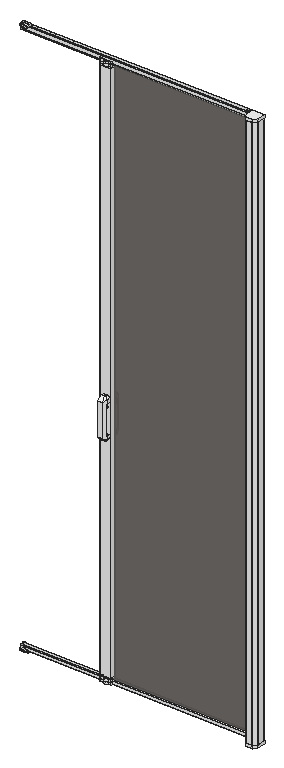
Revit family "Door_Screen-Sliding-Phantom_Screens-Single_Parting-Retractable_Door_Screens-TW2", category Specialty Equipment, Revit 2017
Family settings
  Round Connector Dimension = Use Diameter
  Part Type = Normal
  OmniClass Number = 23.30.60.21
  OmniClass Title = Insect Screens
  Work Plane-Based = No
  Always vertical = Yes
  Cut with Voids When Loaded = No
  Shared = No
  Room Calculation Point = No
Parameters (values of type "Latch Handle")
  Width [instance] = if(Requested Width > Max Width, Max Width, Requested Width)  # 3' - 0"
  URL = "https://www.phantomscreens.com/"
  Type Comments = "Single Parting Door"  # constant formula
  Thickness = 0' - 1 93/128"  # constant formula
  Requested Width [instance] = 3' - 0"
  Requested Height [instance] = 7' - 0"
  Product Page URL = "https://www.phantomscreens.com/retractable-door-screens/"
  Product Name = "Retractable Door Screens"  # constant formula
  Product Documentation Link = "https://www.phantomscreens.com/architects-designers/"
  Model = if(Magnetic Latch, "Magnet Latching System", "Latch and Release System")  # "Latch and Release System"
  Min Height [instance] = 6' - 6"  # constant formula
  Max Width [instance] = if(Height < 8' 4 1/8", 4' 0", 3' 0")  # 4' - 0"
  Max Height [instance] = 10' - 0"  # constant formula
  Manufacturer = "Phantom Mfg. (Int'l) Ltd."  # constant formula
  Magnetic Latch = no
  Latch Handle = not(Magnetic Latch)  # yes
  Height [instance] = if(Requested Height > Max Height, Max Height, if(Requested Height < Min Height, Min Height, Requested Height))  # 7' - 0"
  Finish Screen = Fabric-Privacy_Mesh-Phantom_Screens-Mermet_E-Screen_7505-Charcoal
  Finish = Metal-Aluminum-Phantom_Screens-Classic_White
  Door Opening Width Calc [instance] = if(Screen Opening > Max Width - 0' 4", Max Width - 0' 4", Screen Opening)  # 1' - 0"
  Screen Opening [instance] = 1' - 0"
  Description = if(Magnetic Latch, "Phantom retractable door screen with magnet catch", "Phantom retractable door screen with latching handle")  # "Phantom retractable door screen with latching handle"
  Assembly Code = "B2010300"
Reference planes (in)
  plane 1 "Center (Front/Back)": y = 0
  plane 2: z = 0
  plane 3 "Center (Left/Right)": x = 28.55646
  plane 4: z = 84
  plane 5 "Left": x = 10.55646
  plane 6 "Right": x = 46.55646
  plane 7 "Front": y = -1.19411
  plane 8 "Back": y = 0.53246
  plane 9 "Door Jamb": x = 22.55646
  plane 10: z = 1.02344
  plane 11: z = 82.99219
  plane 12: x = 44.68143
  plane 13: x = 10.55646
  plane 14: z = 84
  plane 15: x = 22.55646
Forms (in)
  Sweep 1, solid, material "Metal-Aluminum-Phantom_Screens-Classic_White" <- "Finish", detail levels medium+fine
    path origin (0, 0.53246, 0) x (-1, 0, 0) y (0, 0, 1)
      loop
        line (-22.55646, 1.27114) -> (-22.55646, 82.72709)
    profile origin (22.55646, 0.53246, 41.99911) x (-1, 0, 0) y (0, -1, 0)
      loop
        line (-1.73217, 0.22402) -> (-1.46479, 0.22402) -> (-1.46479, 0.14401) -> (-1.73217, 0.14401) -> (-1.73217, 0) -> (-0.20217, 0) -> (-0.20217, 0.10001) -> (-0.12186, 0.10001) -> (-0.12186, 0) -> (0, 0) -> (0, 0.27403) -> (-0.20002, 0.27403) -> (-0.20002, 0.35603) -> (0, 0.35603) -> (0, 0.66506) -> (-0.20102, 0.86608) -> (-1.73217, 0.86608) -> (-1.73217, 0.22402)
  Sweep 2, solid, material "Metal-Aluminum-Phantom_Screens-Classic_White" <- "Finish", detail levels medium+fine
    path origin (0, -1.19411, 0) x (-1, 0, 0) y (0, 0, 1)
      loop
        line (-46.55646, 0.375) -> (-46.55646, 83.625)
    profile origin (46.55646, -1.19411, 42) x (1, 0, 0) y (0, 1, 0)
      loop
        line (-1.75022, 1.29478) -> (-1.75022, 0.59201)
        arc (-1.75022, 0.59201) -> (-1.74457, 0.55531) -> (-1.72814, 0.522) r 0.12207
        line (-1.72814, 0.522) -> (-1.39908, 0.05205)
        arc (-1.39908, 0.05205) -> (-1.35545, 0.01379) -> (-1.29909, 0) r 0.12207
        line (-1.29909, 0) -> (-0.45113, 0)
        arc (-0.45113, 0) -> (-0.39476, 0.01379) -> (-0.35113, 0.05205) r 0.12207
        line (-0.35113, 0.05205) -> (-0.02208, 0.522)
        arc (-0.02208, 0.522) -> (-0.00565, 0.55531) -> (0, 0.59201) r 0.12207
        line (0, 0.59201) -> (0, 1.60883)
        arc (0, 1.60883) -> (-0.11477, 1.72772) -> (-0.23762, 1.6172) r 0.11896
        line (-0.23762, 1.6172) -> (-1.68976, 1.38165)
        arc (-1.68976, 1.38165) -> (-1.85842, 1.43456) -> (-1.75022, 1.29478) r 0.09263
  Sweep 3, solid, material "Metal-Aluminum-Phantom_Screens-Classic_White" <- "Finish", detail levels medium+fine
    path origin (0, 0.53246, 0) x (-1, 0, 0) y (0, 0, 1)
      loop
        line (-10.55646, 84) -> (-44.65018, 84)
    profile origin (27.60332, 0.53246, 84) x (0, 0, 1) y (0, -1, 0)
      loop
        line (0, 0) -> (0, 0.065) -> (-0.315, 0.065) -> (-0.315, 0.453) -> (-0.78198, 0.453)
        arc (-0.78198, 0.453) -> (-0.93097, 0.4163) -> (-0.78016, 0.388) r 0.0785
        line (-0.78016, 0.388) -> (-0.38, 0.388) -> (-0.38, 0.065) -> (-0.931, 0.065) -> (-0.931, 0) -> (0, 0)
  Sweep 4, solid, material "Metal-Aluminum-Phantom_Screens-Classic_White" <- "Finish", detail levels medium+fine
    path origin (0, 0.53246, 90.02002) x (-1, 0, 0) y (0, 0, -1)
      loop
        line (-10.55646, 90.02002) -> (-44.65018, 90.02002)
    profile origin (27.60332, 0.53246, 0) x (0, 0, 1) y (0, -1, 0)
      loop
        line (0, 0) -> (0.931, 0) -> (0.931, 0.065) -> (0.38, 0.065) -> (0.38, 0.388) -> (0.78016, 0.388)
        arc (0.78016, 0.388) -> (0.93097, 0.4163) -> (0.78198, 0.453) r 0.0785
        line (0.78198, 0.453) -> (0.315, 0.453) -> (0.315, 0.065) -> (0, 0.065) -> (0, 0)
  Extrusion 5, solid, material "Metal-Aluminum-Phantom_Screens-Classic_White" <- "Finish", detail levels coarse
    sketch origin (0, 0, 0) x (1, 0, 0) y (0, 1, 0)
      loop
        line (44.68143, 0.53246) -> (44.68143, -1.19411) -> (46.55646, -1.19411) -> (46.55646, 0.53246) -> (44.68143, 0.53246)
    from 0.92969 to 83.07031
  Extrusion 6, solid, material "Metal-Aluminum-Phantom_Screens-Classic_White" <- "Finish", detail levels coarse
    sketch origin (28.55646, 0, 0) x (0, 1, 0) y (0, 0, 1)
      loop
        line (0.53246, 0) -> (0.53246, 0.92969) -> (0.0358, 0.92969) -> (0.0358, 0) -> (0.53246, 0)
      loop
        line (0.53246, 84) -> (0.0358, 84) -> (0.0358, 83.07031) -> (0.53246, 83.07031) -> (0.53246, 84)
    from -18 to 15.56978
  Extrusion 7, solid, material "Metal-Aluminum-Phantom_Screens-Classic_White" <- "Finish", detail levels coarse
    sketch origin (0, 0, 0) x (1, 0, 0) y (0, 1, 0)
      loop
        line (22.55646, 0.53246) -> (22.55646, -0.33363) -> (24.28862, -0.33363) -> (24.28862, 0.53246) -> (22.55646, 0.53246)
    from 1.27114 to 82.72709
  Extrusion 8, solid, material "Fabric-Privacy_Mesh-Phantom_Screens-Mermet_E-Screen_7505-Charcoal" <- "Finish Screen"
    sketch origin (0, 0, 0) x (1, 0, 0) y (0, 1, 0)
      loop
        line (24.02124, 0.38844) -> (24.02124, 0.30843) -> (46.33771, 0.30843) -> (46.33771, 0.38844) -> (24.02124, 0.38844)
    from 0.375 to 83.30479
  Extrusion 9, solid, material "Metal-Aluminum-Phantom_Screens-Classic_White" <- "Finish", visible <- "Magnetic Latch", detail levels fine
    sketch origin (32.25319, 0.3929, 0.4711) x (0, 1, 0) y (0, 0, 1)
      loop
        line (0.09496, 35.18633) -> (0.09496, 36.55418)
        arc (0.09496, 36.55418) -> (-0.23758, 36.88671) -> (-0.57011, 36.55418) r 0.33253
        line (-0.57011, 36.55418) -> (-0.57011, 35.18633)
        arc (-0.57011, 35.18633) -> (-0.23758, 34.8538) -> (0.09496, 35.18633) r 0.33253
    from -9.77296 to -9.69674
  Extrusion 10, solid, material "Metal-Aluminum-Phantom_Screens-Classic_White" <- "Finish", visible <- "Magnetic Latch"
    sketch origin (15.69674, 0.92536, 0.4711) x (-1, 0, 0) y (0, 0, -1)
      loop
        line (5.14028, -36.88671) -> (5.83702, -36.88671) -> (5.83702, -34.8538) -> (5.14028, -34.8538) -> (5.14028, -36.88671)
    from 0.3929 to 1.10256
Lines and regions (in)
  Masking region 1
    outline origin (28.55646, 0, 0) x (0, 1, 0) y (0, 0, 1)
      loop
        line (0.38844, 82.72709) -> (0.30843, 82.72709) -> (0.30843, 1.27114) -> (0.38844, 1.27114) -> (0.38844, 82.72709)
Dimensions and locks (in)
  equal spacing: plane 5 "Left", plane 3 "Center (Left/Right)", plane 6 "Right"
  "Thickness": plane 8 "Back" to plane 7 "Front"
  "Door Opening Width Calc": plane 5 "Left" to plane 9 "Door Jamb"
  "Width": plane 5 "Left" to plane 6 "Right"
  Sweep 2 sketch curve to Sweep 2 sketch curve to Sweep 2 sketch curve to Sweep 2 sketch curve to Sweep 2 sketch curve to Sweep 2 sketch curve to Sweep 2 sketch curve to Sweep 2 sketch curve to profile plane = 0' - 0.12481" locked, 0' - 0.35113" locked, 0' - 0.1" locked, 0' - 0.84796" locked, 0' - 0.1" locked, 0' - 0.11322" locked, 0' - 0.23791" locked, 0' - 0" locked
  Sweep 2 sketch curve to Sweep 2 sketch curve to Sweep 2 sketch curve to Sweep 2 sketch curve to Sweep 2 sketch curve to Sweep 2 sketch curve to Sweep 2 sketch curve to Sweep 2 sketch curve to Sweep 2 sketch curve to profile plane = 0' - 0.25351" locked, 0' - 0.88226" locked, 0' - 0" locked, 0' - 0.07002" locked, 0' - 0" locked, 0' - 0.46994" locked, 0' - 0" locked, 0' - 0.05205" locked, 0' - 0" locked
  Sweep 1 sketch curve to Sweep 1 sketch curve to profile plane to Sweep 1 sketch curve to Sweep 1 sketch curve to Sweep 1 sketch curve to Sweep 1 sketch curve to Sweep 1 sketch curve to Sweep 1 sketch curve to Sweep 1 sketch curve = 0' - 0" locked, 0' - 0" locked, 0' - 0.12186" locked, 0' - 0.07816" locked, 0' - 0.001" locked, 0' - 0.00115" locked, 0' - 1.26261" locked, 0' - 0.26738" locked, 0' - 0" locked
  Sweep 1 sketch curve to Sweep 1 sketch curve to profile plane to Sweep 1 sketch curve to Sweep 1 sketch curve to Sweep 1 sketch curve to Sweep 1 sketch curve to Sweep 1 sketch curve to Sweep 1 sketch curve to Sweep 1 sketch curve = 0' - 0" locked, 0' - 0" locked, 0' - 0.10001" locked, 0' - 0.044" locked, 0' - 0.08001" locked, 0' - 0.05" locked, 0' - 0.08201" locked, 0' - 0.30903" locked, 0' - 0.20102" locked
  plane 10 to level = 0' - 1 3/128"
  locked: plane 4 to plane 11 at 1.00781
  locked: Sweep 3 sketch curve to plane 6 "Right" at 1.90627
  locked: Sweep 4 sketch curve to plane 6 "Right" at 1.90627
  locked: Sweep 2 sketch curve to level at 0.375
  locked: plane 4 to Sweep 2 sketch curve at 0.375
  plane 4 to Sweep 2 = 0' - 0 3/8"
  locked: Extrusion 5 sketch curve to plane 6 "Right" at 1.87502
  locked: Extrusion 5 to level at 0.92969
  locked: plane 4 to Extrusion 5 at 0.92969
  locked: Extrusion 6 sketch curve to plane 2 at 0.92969
  locked: plane 8 "Back" to Extrusion 6 sketch curve at 0.49666  (x2)
  locked: plane 4 to Extrusion 6 sketch curve at 0.92969
  locked: Extrusion 6 to plane 6 "Right" at 2.43022
  Sweep 1 to nested 4 = 0' - 0"
  locked: plane 11 to Sweep 1 sketch curve at 0.2651
  locked: Sweep 1 sketch curve to plane 10 at 0.2477
  equal spacing: Extrusion 7 sketch curve, nested 4, plane 8 "Back"
  locked: Extrusion 7 to plane 10 at 0.2477
  locked: plane 11 to Extrusion 7 at 0.2651
  "Height": plane 4 to level
  locked: plane 4 to nested 4 at 0.69521
  locked: Extrusion 8 sketch curve to plane 6 "Right" at 0.21875
  Extrusion 8 sketch curve to Extrusion 8 sketch curve to plane 8 "Back" = 0' - 0.08001" locked, 0' - 0.14401" locked
  locked: level to Extrusion 8 at 0.375
  locked: plane 4 to Extrusion 8 at 0.69521
  locked: plane 9 "Door Jamb" to Extrusion 8 sketch curve at 1.46479
  locked: plane 4 to nested 8 at 0.36275
  locked: nested 7 to level at 0.35561
  locked: plane 8 "Back" to nested 9 at 0.065
  locked: plane 8 "Back" to nested 10 at 0.065
  Sweep 3 sketch curve to Sweep 3 sketch curve to Sweep 3 sketch curve to Sweep 3 sketch curve to profile plane to Sweep 3 sketch curve = 0' - 0" locked, 0' - 0.551" locked, 0' - 0.065" locked, 0' - 0.315" locked, 0' - 0" locked
  profile plane to nested 2 to Sweep 3 sketch curve to Sweep 3 sketch curve to Sweep 3 sketch curve to Sweep 3 sketch curve to Sweep 3 sketch curve = 0' - 0" locked, 0' - 0.065" locked, 0' - 0" locked, 0' - 0.323" locked, 0' - 0.065" locked, 0' - 0.044" locked
  profile plane to nested 1 to Sweep 4 sketch curve to Sweep 4 sketch curve to Sweep 4 sketch curve to Sweep 4 sketch curve to Sweep 4 sketch curve = 0' - 0" locked, 0' - 0.065" locked, 0' - 0" locked, 0' - 0.323" locked, 0' - 0.065" locked, 0' - 0.044" locked
  profile plane to Sweep 4 sketch curve to Sweep 4 sketch curve to Sweep 4 sketch curve to Sweep 4 sketch curve to Sweep 4 sketch curve = 0' - 0" locked, 0' - 0.315" locked, 0' - 0.065" locked, 0' - 0.551" locked, 0' - 0" locked
  "Requested Width": plane 6 "Right" to plane 13
  "Requested Height": plane 14 to plane 2
  "Screen Opening": plane 5 "Left" to plane 15
  locked: Extrusion 7 sketch curve to plane 8 "Back" at 0.86608
  plane 15 to Extrusion 7 sketch curve = 0' - 1.73217"
  locked: plane 9 "Door Jamb" to Extrusion 7 at 1.73217
  plane 9 "Door Jamb" to nested 6 to Extrusion 5 = 0' - 1" locked, 1' - 11"
  locked: plane 9 "Door Jamb" to nested 5 at 1
  Extrusion 10 sketch curve to Extrusion 10 sketch curve to level = 0' - 2.03291" locked, 2' - 11.3249" locked
  Extrusion 9 sketch curve to plane 1 "Center (Front/Back)" to Extrusion 9 sketch curve = 0' - 0.48786" locked, 0' - 0.17721" locked
  Extrusion 9 sketch curve to Extrusion 9 sketch curve to level = 0' - 2.03291" locked, 2' - 11.3249" locked
  locked: Extrusion 10 sketch curve to Extrusion 10 sketch curve at 0.69674
  plane 15 to Extrusion 9 = 0' - 0.07622"
  "Screen Opening": Extrusion 10 sketch curve to plane 15
  Masking region 1 sketch curve to Masking region 1 sketch curve to plane 1 "Center (Front/Back)" = 0' - 0.08001" locked, 0' - 0.30843" locked
  locked: plane 11 to Masking region 1 sketch curve at 0.2651
  locked: Masking region 1 sketch curve to plane 10 at 0.2477
  locked: plane 9 "Door Jamb" to Extrusion 9 at 0.07622
  aligned and locked: level to plane 2
  aligned and locked: Sweep 1 sketch curve to plane 9 "Door Jamb"
  aligned and locked: Sweep 2 sketch curve to plane 6 "Right"
  aligned and locked: plane 5 "Left" to Sweep 3 sketch curve
  aligned and locked: plane 5 "Left" to Sweep 4 sketch curve
  aligned and locked: Sweep 4 sketch curve to level
  aligned and locked: nested 1 to plane 6 "Right"
  aligned and locked: nested 2 to plane 6 "Right"
  aligned and locked: plane 4 to nested 2
  aligned and locked: nested 1 to level
  aligned and locked: nested 2 to plane 8 "Back"
  aligned and locked: nested 1 to plane 8 "Back"
  aligned and locked: Extrusion 5 sketch curve to nested 1
  aligned and locked: plane 7 "Front" to Extrusion 5 sketch curve
  aligned and locked: plane 6 "Right" to Extrusion 5 sketch curve
  aligned and locked: Extrusion 6 sketch curve to plane 2
  aligned and locked: Extrusion 6 sketch curve to plane 8 "Back"
  aligned and locked: plane 8 "Back" to Extrusion 6 sketch curve
  aligned and locked: Extrusion 6 sketch curve to plane 4
  aligned and locked: Extrusion 6 to plane 5 "Left"
  aligned and locked: nested 3 to plane 9 "Door Jamb"
  aligned and locked: Extrusion 7 sketch curve to nested 3
  aligned and locked: nested 4 to plane 9 "Door Jamb"
  aligned and locked: plane 8 "Back" to nested 4
  aligned and locked: plane 8 "Back" to nested 3
  aligned and locked: plane 9 "Door Jamb" to nested 7
  aligned and locked: nested 9 to plane 2
  aligned and locked: plane 4 to nested 10
  aligned and locked: plane 5 "Left" to nested 10
  aligned and locked: plane 5 "Left" to nested 9
  aligned and locked: nested 11 to plane 6 "Right"
  aligned and locked: nested 11 to plane 7 "Front"
  aligned and locked: plane 9 "Door Jamb" to nested 12
  aligned and locked: nested 12 to plane 8 "Back"
  aligned and locked: plane 9 "Door Jamb" to nested 8
  aligned and locked: plane 8 "Back" to Extrusion 7 sketch curve
  aligned and locked: plane 8 "Back" to nested 7
  aligned and locked: plane 8 "Back" to nested 8
  aligned and locked: plane 9 "Door Jamb" to Extrusion 9
Automatic sketch dimensions
  Sweep 3 sketch curve to plane 4 = 0' - 0"
  Sweep 3 sketch curve to plane 8 "Back" = 0' - 0"
  Sweep 3 sketch curve to Sweep 3 sketch curve = 0' - 0.00182"
  Sweep 4 sketch curve to plane 8 "Back" = 0' - 0"
  Sweep 4 sketch curve to Sweep 4 sketch curve = 0' - 0.00182"
  Sweep 2 sketch curve to Sweep 2 sketch curve = 0' - 0.03218"
  Sweep 2 sketch curve to Sweep 2 sketch curve = 0' - 0.02208"
  Sweep 2 sketch curve to Sweep 2 sketch curve = 0' - 0.12207"
  Sweep 2 sketch curve to Sweep 2 sketch curve = 0' - 0.11866"
Nested families (in)
  nested 1: "Nested-Phantom_Screens-Extrusion-Cap" at (45.61894, 0.53246, 0), type "Bottom Cap"
  nested 2: "Nested-Phantom_Screens-Extrusion-Cap" at (45.61894, 0.53246, 83.625), type "Top Cap"
  nested 3: "Nested-Phantom_Screens-Extrusion-Cap-Pull" at (23.42254, 0.53246, 1.06264), visible <- "Magnetic Latch", type "Bottom Cap"
  nested 4: "Nested-Phantom_Screens-Extrusion-Cap-Pull" at (23.42254, 0.53246, 82.72709), visible <- "Magnetic Latch", type "Top Cap"
  nested 5: "Nested-Phantom_Screens-Door_Pull" at (23.55646, -0.33363, 0), Latch Right <- "Latch Handle", type "Door Pull"
    with Latch Right yes, Latch Left no
  nested 6: "Nested-Phantom_Screens-Door_Pull" at (23.55646, 0.53246, 0) x (-1, 0, 0) z (0, 0, 1), Latch Left <- "Latch Handle", type "Door Pull"
    with Latch Right no, Latch Left yes
  nested 7: "Nested-Phantom_Screens-Extrusion-Cap-Pull-Latch" at (23.42254, 0.53246, 1.06264), visible <- "Latch Handle", type "Bottom Cap"
    with Top Offset 0' - 0 53/256", Top Cap no, Bottom Offset 0' - 0 95/256", Bottom Cap yes
  nested 8: "Nested-Phantom_Screens-Extrusion-Cap-Pull-Latch" at (23.42254, 0.53246, 82.72709), visible <- "Latch Handle", type "Top Cap"
  nested 9: "Nested-Phantom_Screens-Extrusion-Latch" at (11.18683, 0.46746, 0.39), visible <- "Latch Handle", type "Bottom Cap", detail levels fine
  nested 10: "Nested-Phantom_Screens-Extrusion-Latch" at (11.18683, 0.46746, 83.61), visible <- "Latch Handle", type "Top Cap", detail levels fine
  nested 11: "Nested-Detail-Phantom_Screens-Retractable-Housing" at (45.73238, -0.30002, 0), type "Housing"
  nested 12: "Nested-Detail-Phantom_Screens-Slide_Bar" at (23.42254, 0.09942, 0), type "Slide Bar"
Definition of nested family "Nested-Phantom_Screens-Extrusion-Cap"
  Parameters (values of type "Bottom Cap")
    URL = "https://www.phantomscreens.com/"
    Type Comments = if(Top Cap, "Top Cap", "Bottom Cap")  # "Bottom Cap"
    Top Offset = if(Bottom Cap, 0' 0 119/128", 0' 0 3/8")  # 0' - 0 119/128"
    Top Cap = no
    Model = "Retractable Door Screen"  # constant formula
    Manufacturer = "Phantom Mfg. (Int'l) Ltd."  # constant formula
    Finish = none
    Description = "For Phantom Mfg. Models Only"  # constant formula
    Bottom Offset = if(Top Cap, 0' 0 71/128", 0' 0")  # 0' - 0"
    Bottom Cap = not(Top Cap)  # yes
  Types (3): name | URL | Type Comments | Top Offset | Top Cap | Bottom Offset | Bottom Cap
    (no name) | "https://www.phantomscreens.com/" | "Bottom Cap" | 0' - 0 119/128" | no | 0' - 0" | yes
    Bottom Cap | "https://www.phantomscreens.com/" | "Bottom Cap" | 0' - 0 119/128" | no | 0' - 0" | yes
    Top Cap | "" | "Top Cap" | 0' - 0 3/8" | yes | 0' - 0 71/128" | no
  Reference planes (in)
    plane 1 "Center (Front/Back)": y = 0
    plane 2: z = 0
    plane 3 "Center (Left/Right)": x = 0
  Forms (in)
    Extrusion 1, solid, material <- "Finish", visible <- "Top Cap", detail levels medium+fine
      sketch origin (-45.74289, -0.13, -89.64502) x (-1, 0, 0) y (0, 0, -1)
        loop
          line (-44.65018, -90.02002) -> (-44.54018, -90.02002) -> (-44.54018, -89.86002)
          arc (-44.54018, -89.86002) -> (-44.45018, -89.77002) -> (-44.36018, -89.86002) r 0.09
          line (-44.36018, -89.86002) -> (-44.36018, -90.02002) -> (-44.25018, -90.02002) -> (-44.25018, -89.70502) -> (-44.65018, -89.70502) -> (-44.65018, -90.02002)
      from -0.065 to 0.19496
    Extrusion 2, solid, material <- "Finish", detail levels medium+fine
      sketch origin (-45.58769, -0.53246, 0) x (1, 0, 0) y (0, 1, 0)
        loop
          line (44.77499, 0) -> (44.77499, -0.64058) -> (45.16257, -1.19411) -> (46.13762, -1.19411) -> (46.52521, -0.64058) -> (46.52521, 0.53246) -> (44.65018, 0.53246) -> (44.65018, 0.46746) -> (44.49499, 0.46746) -> (44.49499, 0) -> (44.77499, 0)
      from 0 to 0.375
    Extrusion 3, solid, material <- "Finish", visible <- "Bottom Cap", detail levels medium+fine
      sketch origin (-45.58769, -0.53246, 0) x (1, 0, 0) y (0, 1, 0)
        loop
          line (44.49499, 0) -> (44.77499, 0) -> (44.77499, 0.0358) -> (44.49499, 0.0358) -> (44.49499, 0)
      from 0.375 to 0.92969
    Extrusion 4, solid, material <- "Finish", visible <- "Top Cap", detail levels medium+fine
      sketch origin (-45.58769, 0.33082, -0.92969) x (1, 0, 0) y (0, 1, 0)
        loop
          line (44.49499, -0.86328) -> (44.77499, -0.86328) -> (44.77499, -0.82749) -> (44.49499, -0.82749) -> (44.49499, -0.86328)
      from 0.375 to 0.92969
    Extrusion 5, solid, material <- "Finish", visible <- "Bottom Cap", detail levels medium+fine
      sketch origin (-45.74289, -0.16906, 89.64502) x (-1, 0, 0) y (0, 0, -1)
        loop
          line (-44.65018, 89.64502) -> (-44.65018, 89.33002) -> (-44.25018, 89.33002) -> (-44.25018, 89.64502) -> (-44.36018, 89.64502) -> (-44.36018, 89.48502)
          arc (-44.36018, 89.48502) -> (-44.45018, 89.39502) -> (-44.54018, 89.48502) r 0.09
          line (-44.54018, 89.48502) -> (-44.54018, 89.64502) -> (-44.65018, 89.64502)
      from -0.10406 to 0.1559
    Extrusion 6, solid, material <- "Finish", detail levels coarse
      sketch origin (0, -0.86328, 0) x (1, 0, 0) y (0, 1, 0)
        loop
          line (-1.4927, 0.86328) -> (-1.4927, -0.86328) -> (0.93751, -0.86328) -> (0.93751, 0.86328) -> (-1.4927, 0.86328)
      from 0 to 0.92969
  Dimensions and locks (in)
    Extrusion 3 sketch curve to Extrusion 3 sketch curve to plane 1 "Center (Front/Back)" = 0' - 0.0358" locked, 0' - 0.49666" locked
    Extrusion 3 sketch curve to Extrusion 3 sketch curve to plane 3 "Center (Left/Right)" = 0' - 0.28" locked, 0' - 0.8127" locked
    Extrusion 1 to Extrusion 1 to plane 1 "Center (Front/Back)" = 0' - 0.25996" locked, 0' - 0.065" locked
    Extrusion 2 to level to Extrusion 2 = 0' - 0 3/8" locked, 0' - 0" locked
    Extrusion 3 to Extrusion 3 to level = 0' - 0 71/128" locked, 0' - 0 3/8" locked
    Extrusion 1 sketch curve to Extrusion 1 sketch curve to Extrusion 1 sketch curve to Extrusion 1 sketch curve to level = 0' - 0" locked, 0' - 0 1/4" locked, 0' - 0.065" locked, 0' - 0.06" locked
    plane 3 "Center (Left/Right)" to Extrusion 1 sketch curve to Extrusion 1 sketch curve to Extrusion 1 sketch curve to Extrusion 1 sketch curve = 0' - 1.0927" locked, 0' - 0.11" locked, 0' - 0.18" locked, 0' - 0.11" locked
    Extrusion 4 sketch curve to Extrusion 4 sketch curve to plane 1 "Center (Front/Back)" = 0' - 0.0358" locked, 0' - 0.49666" locked
    Extrusion 4 sketch curve to Extrusion 4 sketch curve to plane 3 "Center (Left/Right)" = 0' - 0.28" locked, 0' - 0.8127" locked
    level to Extrusion 4 to Extrusion 4 = 0' - 0", 0' - 0 71/128" locked
    Extrusion 5 to Extrusion 5 to plane 1 "Center (Front/Back)" = 0' - 0.25996" locked, 0' - 0.065" locked
    level to Extrusion 5 sketch curve to Extrusion 5 sketch curve to Extrusion 5 sketch curve to Extrusion 5 sketch curve = 0' - 0" locked, 0' - 0" locked, 0' - 0 1/4" locked, 0' - 0.065" locked
    Extrusion 5 sketch curve to Extrusion 5 sketch curve to Extrusion 5 sketch curve to Extrusion 5 sketch curve = 0' - 0.11" locked, 0' - 0.18" locked, 0' - 0.11" locked
    "Bottom Offset": level to Extrusion 6
    "Top Offset": Extrusion 6 to level
    Extrusion 6 sketch curve to plane 3 "Center (Left/Right)" to Extrusion 6 sketch curve = 0' - 1.4927" locked, 0' - 0 15/16" locked
    Extrusion 6 sketch curve to plane 1 "Center (Front/Back)" to Extrusion 6 sketch curve = 0' - 1 93/128" locked, 0' - 0" locked
    Extrusion 2 sketch curve to Extrusion 2 sketch curve to Extrusion 2 sketch curve to Extrusion 2 sketch curve to Extrusion 2 sketch curve to Extrusion 2 sketch curve to plane 1 "Center (Front/Back)" = 0' - 0.55353" locked, 0' - 0" locked, 0' - 0.64058" locked, 0' - 0.46746" locked, 0' - 0.065" locked, 0' - 0" locked
    Extrusion 2 sketch curve to Extrusion 2 sketch curve to Extrusion 2 sketch curve to Extrusion 2 sketch curve to plane 3 "Center (Left/Right)" to Extrusion 2 sketch curve to Extrusion 2 sketch curve = 0' - 0.15519" locked, 0' - 0.12481" locked, 0' - 0.38758" locked, 0' - 0.42512" locked, 0' - 0.54993" locked, 0' - 0.38758" locked
    aligned and locked: plane 2 to level
  Automatic sketch dimensions
    Extrusion 5 sketch curve to plane 3 "Center (Left/Right)" = 0' - 1.0927"
Definition of nested family "Nested-Phantom_Screens-Extrusion-Cap-Pull"
  Parameters (values of type "Bottom Cap")
    URL = "https://www.phantomscreens.com/"
    Type Comments = if(Top Cap, "Top Pull Cap", "Bottom Pull Cap")  # "Bottom Pull Cap"
    Top Offset = if(Top Cap, 0' 0 37/64", 0' 0 53/256")  # 0' - 0 53/256"
    Top Cap = no
    Model = "Retractable Door Screen"  # constant formula
    Manufacturer = "Phantom Mfg. (Int'l) Ltd."  # constant formula
    Finish = none
    Description = "For Phantom Mfg. Models Only"  # constant formula
    Bottom Offset = if(Bottom Cap, 0' 0 95/256", 0' 0")  # 0' - 0 95/256"
    Bottom Cap = not(Top Cap)  # yes
  Types (3): name | URL | Type Comments | Top Offset | Top Cap | Bottom Offset | Bottom Cap
    (no name) | "https://www.phantomscreens.com/" | "Bottom Pull Cap" | 0' - 0 53/256" | no | 0' - 0 95/256" | yes
    Bottom Cap | "https://www.phantomscreens.com/" | "Bottom Pull Cap" | 0' - 0 53/256" | no | 0' - 0 95/256" | yes
    Top Cap | "" | "Top Pull Cap" | 0' - 0 37/64" | yes | 0' - 0" | no
  Reference planes (in)
    plane 1 "Back": y = 0
    plane 2: z = 0
    plane 3 "Center (Left/Right)": x = 0
    plane 4 "Left": x = -0.86608
    plane 5 "Right": x = 0.86608
    plane 6 "Front": y = -0.86608
  Forms (in)
    Extrusion 1, solid, material <- "Finish", visible <- "Bottom Cap", detail levels medium+fine
      sketch origin (-1.26679, 44.02753, 89.27582) x (0, 1, 0) y (0, 0, -1)
        loop
          line (-44.65018, 89.64502) -> (-44.65018, 89.27582) -> (-44.25018, 89.27582) -> (-44.25018, 89.64502) -> (-44.36018, 89.64502) -> (-44.36018, 89.48502)
          arc (-44.36018, 89.48502) -> (-44.45018, 89.39502) -> (-44.54018, 89.48502) r 0.09
          line (-44.54018, 89.48502) -> (-44.54018, 89.64502) -> (-44.65018, 89.64502)
      from -1.93384 to -0.4007
    Extrusion 2, solid, material <- "Finish", detail levels coarse
      sketch origin (0, -0.86328, 0) x (1, 0, 0) y (0, 1, 0)
        loop
          line (-0.86608, 0.86328) -> (-0.86608, -0.0028) -> (0.86608, -0.0028) -> (0.86608, 0.86328) -> (-0.86608, 0.86328)
      from -0.37109 to 0.20703
    Extrusion 3, solid, material <- "Finish", detail levels medium+fine
      sketch origin (0, 0, 0) x (1, 0, 0) y (0, 1, 0)
        loop
          line (-0.86608, -0.66506) -> (-0.66506, -0.86608) -> (0.86608, -0.86608) -> (0.86608, 0) -> (-0.86608, 0) -> (-0.86608, -0.66506)
      from 0 to 0.2085
    Extrusion 4, solid, material <- "Finish", visible <- "Top Cap", detail levels medium+fine
      sketch origin (-1.26679, 44.02753, -89.06732) x (0, 1, 0) y (0, 0, -1)
        loop
          line (-44.65018, -89.64502) -> (-44.54018, -89.64502) -> (-44.54018, -89.48502)
          arc (-44.54018, -89.48502) -> (-44.45018, -89.39502) -> (-44.36018, -89.48502) r 0.09
          line (-44.36018, -89.48502) -> (-44.36018, -89.64502) -> (-44.25018, -89.64502) -> (-44.25018, -89.27582) -> (-44.65018, -89.27582) -> (-44.65018, -89.64502)
      from -1.93384 to -0.4007
  Dimensions and locks (in)
    Extrusion 1 sketch curve to Extrusion 1 sketch curve to Extrusion 1 sketch curve to Extrusion 1 sketch curve to plane 2 = 0' - 0" locked, 0' - 0 1/4" locked, 0' - 0.1192" locked, 0' - 0" locked
    Extrusion 1 sketch curve to Extrusion 1 sketch curve to Extrusion 1 sketch curve to Extrusion 1 sketch curve to plane 1 "Back" = 0' - 0.11" locked, 0' - 0.18" locked, 0' - 0.11" locked, 0' - 0 57/256" locked
    "Bottom Offset": level to Extrusion 2
    "Top Offset": Extrusion 2 to level
    Extrusion 2 sketch curve to plane 3 "Center (Left/Right)" to Extrusion 2 sketch curve = 0' - 0.86608" locked, 0' - 0.86608" locked
    Extrusion 2 sketch curve to plane 1 "Back" to Extrusion 2 sketch curve = 0' - 0.86608" locked, 0' - 0" locked
    Extrusion 3 sketch curve to plane 3 "Center (Left/Right)" to Extrusion 3 sketch curve = 0' - 0.86608" locked, 0' - 0.86608" locked
    Extrusion 3 sketch curve to plane 1 "Back" to Extrusion 3 sketch curve = 0' - 0.86608" locked, 0' - 0" locked
    plane 2 to Extrusion 4 sketch curve to Extrusion 4 sketch curve to Extrusion 4 sketch curve to Extrusion 4 sketch curve = 0' - 0.2085" locked, 0' - 0.2992" locked, 0' - 0.07" locked, 0' - 0" locked
    Extrusion 4 sketch curve to Extrusion 4 sketch curve to Extrusion 4 sketch curve to Extrusion 4 sketch curve to plane 1 "Back" = 0' - 0.11" locked, 0' - 0.18" locked, 0' - 0.11" locked, 0' - 0 57/256" locked
    locked: Extrusion 3 to level at 0.2085
    plane 5 "Right" to plane 3 "Center (Left/Right)" to plane 4 "Left" = 0' - 0.86608" locked, 0' - 0.86608" locked
    locked: plane 1 "Back" to plane 6 "Front" at 0.86608
    aligned and locked: plane 2 to level
    aligned and locked: Extrusion 3 to level
  Automatic sketch dimensions
    Extrusion 3 sketch curve to Extrusion 3 sketch curve = 0' - 0.20102"  (x2)
Definition of nested family "Nested-Phantom_Screens-Door_Pull"
  Parameters (values of type "Door Pull")
    URL = "https://www.phantomscreens.com/"
    Type Comments = "Pull"  # constant formula
    Model = "Retractable Door Screen"  # constant formula
    Manufacturer = "Phantom Mfg. (Int'l) Ltd."  # constant formula
    Latch Right [instance] = yes
    Latch Left [instance] = yes
    Center Line of Pull = 3' - 0"
    Height = 0' - 6 1/32"
    Finish = none
    Description = "For Phantom Mfg. Models Only"  # constant formula
  Reference planes (in)
    plane 1 "Back": y = 0
    plane 2 "Bottom": z = 32.98437
    plane 3 "Center (Left/Right)": x = 0
    plane 4 "Left": x = -0.60355
    plane 5 "Right": x = 0.60355
    plane 6 "Front": y = -0.93822
    plane 7 "Top": z = 39.01563
    plane 8: y = -0.43822
    plane 9: y = 0
    plane 10: z = 36
  Forms (in)
    SweptBlend 1, solid, material <- "Finish", detail levels fine
      path origin (0, 0, 0) x (0, 1, 0) y (0, 0, 1)
        loop
          line (-0.43822, 39.01563) -> (-0.93822, 39.01563)
      profile origin (0, -0.43822, 39.01563) x (0, 0, -1) y (1, 0, 0)
        loop
          line (0, -0.25) -> (0.35355, -0.60355) -> (0.85355, -0.60355) -> (0.85355, 0.60355) -> (0.35355, 0.60355) -> (0, 0.25) -> (0, -0.25)
      end profile origin (0, -0.93822, 39.01563) x (0, 0, -1) y (1, 0, 0)
        loop
          line (0.60355, -0.375) -> (0.85355, -0.375) -> (0.85355, 0.375) -> (0.60355, 0.375) -> (0.60355, -0.375)
    Extrusion 2, solid, material <- "Finish", detail levels fine
      sketch origin (0, 0, -0.85355) x (1, 0, 0) y (0, 0, 1)
        loop
          line (-0.60355, 39.51562) -> (-0.60355, 39.01562) -> (0.60355, 39.01562) -> (0.60355, 39.51562) -> (0.25, 39.86918) -> (-0.25, 39.86918) -> (-0.60355, 39.51562)
      from 0 to 0.43822
    SweptBlend 3, solid, material <- "Finish", detail levels fine
      path origin (0, 0, 22.99273) x (0, 1, 0) y (0, 0, -1)
        loop
          line (-0.43822, -9.99165) -> (-0.93822, -9.99165)
      profile origin (0, -0.43822, 32.98438) x (0, 0, -1) y (1, 0, 0)
        loop
          line (0, -0.25) -> (0, 0.25) -> (-0.35355, 0.60355) -> (-0.85355, 0.60355) -> (-0.85355, -0.60355) -> (-0.35355, -0.60355) -> (0, -0.25)
      end profile origin (0, -0.93822, 32.98438) x (0, 0, -1) y (1, 0, 0)
        loop
          line (-0.60355, -0.375) -> (-0.60355, 0.375) -> (-0.85355, 0.375) -> (-0.85355, -0.375) -> (-0.60355, -0.375)
    Extrusion 4, solid, material <- "Finish", detail levels fine
      sketch origin (0, 0, 23.84628) x (1, 0, 0) y (0, 0, 1)
        loop
          line (-0.60355, 9.49165) -> (-0.25, 9.13809) -> (0.25, 9.13809) -> (0.60355, 9.49165) -> (0.60355, 9.99165) -> (-0.60355, 9.99165) -> (-0.60355, 9.49165)
      from 0 to 0.43822
    Extrusion 5, solid, material <- "Finish", detail levels fine
      sketch origin (0, 0, 0) x (1, 0, 0) y (0, 1, 0)
        loop
          line (-0.48928, -0.68822) -> (-0.375, -0.93822) -> (0.375, -0.93822) -> (0.48928, -0.68822) -> (-0.48928, -0.68822)
      from 33.83793 to 38.16207
    Extrusion 6, solid, material <- "Finish", detail levels medium
      sketch origin (0, 0, 0) x (1, 0, 0) y (0, 1, 0)
        loop
          line (-0.60355, 0) -> (-0.60355, -0.93822) -> (0.60355, -0.93822) -> (0.60355, 0) -> (-0.60355, 0)
      from 32.98437 to 39.01563
    Extrusion 7, solid, material <- "Finish", visible <- "Latch Left", detail levels fine
      sketch origin (0, 0, 0) x (1, 0, 0) y (0, 0, 1)
        loop
          arc (-0.60355, 37.66207) -> (-0.62658, 37.57674) -> (-0.54125, 37.55371) r 0.0625
          arc (-0.54125, 37.55371) -> (-0.23945, 37.81189) -> (-0.05207, 38.16207) r 1.0745
          line (-0.05207, 38.16207) -> (-0.184, 38.16207)
          arc (-0.184, 38.16207) -> (-0.34946, 37.87489) -> (-0.60355, 37.66207) r 0.9495
      from 0.3315 to 0.48465
    Extrusion 8, solid, material <- "Finish", visible <- "Latch Right", detail levels fine
      sketch origin (0, 0, 0) x (-1, 0, 0) y (0, 0, -1)
        loop
          arc (-0.60355, -37.66207) -> (-0.34946, -37.87489) -> (-0.184, -38.16207) r 0.9495
          line (-0.184, -38.16207) -> (-0.05207, -38.16207)
          arc (-0.05207, -38.16207) -> (-0.23945, -37.81189) -> (-0.54125, -37.55371) r 1.0745
          arc (-0.54125, -37.55371) -> (-0.62658, -37.57674) -> (-0.60355, -37.66207) r 0.0625
      from 0.3315 to 0.48465
  Cuts and joins
    joined: SweptBlend 1, Extrusion 2, SweptBlend 3, Extrusion 4, Extrusion 5
  Dimensions and locks (in)
    plane 5 "Right" to plane 3 "Center (Left/Right)" to plane 4 "Left" = 0' - 0.60355", 0' - 0.60355"
    locked: plane 1 "Back" to plane 6 "Front" at 0.93822
    SweptBlend 1 sketch curve to SweptBlend 1 sketch curve to profile plane to SweptBlend 1 sketch curve to SweptBlend 1 sketch curve = 0' - 0.35355" locked, 0' - 0 1/4" locked, 0' - 0 1/4" locked, 0' - 0.35355" locked
    SweptBlend 1 sketch curve to SweptBlend 1 sketch curve to SweptBlend 1 sketch curve to plane 7 "Top" = 0' - 0 1/2" locked, 0' - 0.35355" locked, 0' - 0" locked
    SweptBlend 1 sketch curve to SweptBlend 1 sketch curve to plane 7 "Top" = 0' - 0 1/4" locked, 0' - 0.60355" locked
    SweptBlend 1 sketch curve to plane 3 "Center (Left/Right)" to SweptBlend 1 sketch curve = 0' - 0 3/8" locked, 0' - 0 3/8" locked
    Extrusion 2 sketch curve to Extrusion 2 sketch curve to plane 3 "Center (Left/Right)" to Extrusion 2 sketch curve to Extrusion 2 sketch curve = 0' - 0.35355" locked, 0' - 0 1/4" locked, 0' - 0 1/4" locked, 0' - 0.35355" locked
    Extrusion 2 sketch curve to Extrusion 2 sketch curve to Extrusion 2 sketch curve to plane 7 "Top" to Extrusion 2 sketch curve = 0' - 0 1/2" locked, 0' - 0" locked, 0' - 0.35355" locked, 0' - 0" locked
    SweptBlend 3 sketch curve to SweptBlend 3 sketch curve to profile plane to plane 3 "Center (Left/Right)" to SweptBlend 3 sketch curve to SweptBlend 3 sketch curve = 0' - 0.35355" locked, 0' - 0 1/4" locked, 0' - 0" locked, 0' - 0 1/4" locked, 0' - 0.35355" locked
    SweptBlend 3 sketch curve to plane 2 "Bottom" to SweptBlend 3 sketch curve to SweptBlend 3 sketch curve = 0' - 0" locked, 0' - 0.35355" locked, 0' - 0 1/2" locked
    plane 2 "Bottom" to SweptBlend 3 sketch curve to SweptBlend 3 sketch curve = 0' - 0.60355" locked, 0' - 0 1/4" locked
    SweptBlend 3 sketch curve to plane 3 "Center (Left/Right)" to SweptBlend 3 sketch curve = 0' - 0 3/8" locked, 0' - 0 3/8" locked
    Extrusion 4 sketch curve to Extrusion 4 sketch curve to plane 3 "Center (Left/Right)" to Extrusion 4 sketch curve to Extrusion 4 sketch curve = 0' - 0.35355" locked, 0' - 0 1/4" locked, 0' - 0 1/4" locked, 0' - 0.35355" locked
    Extrusion 4 sketch curve to Extrusion 4 sketch curve to Extrusion 4 sketch curve to Extrusion 4 sketch curve to plane 2 "Bottom" = 0' - 0 1/2" locked, 0' - 0" locked, 0' - 0.35355" locked, 0' - 0" locked
    "Height": plane 7 "Top" to plane 2 "Bottom"
    "Center Line of Pull": plane 10 to level
    locked: Extrusion 5 sketch curve to plane 6 "Front" at 0.25
    Extrusion 5 sketch curve to Extrusion 5 sketch curve to plane 3 "Center (Left/Right)" to Extrusion 5 sketch curve to Extrusion 5 sketch curve = 0' - 0.11428" locked, 0' - 0 3/8" locked, 0' - 0 3/8" locked, 0' - 0.11428" locked
    locked: plane 8 to plane 6 "Front" at 0.5
    plane 4 "Left" to plane 3 "Center (Left/Right)" to plane 5 "Right" = 0' - 0.60355" locked, 0' - 0.60355" locked
    equal spacing: plane 7 "Top", plane 10, plane 2 "Bottom"
    Extrusion 7 to plane 8 to Extrusion 7 = 0' - 0.10673" locked, 0' - 0.04643" locked
    plane 7 "Top" to Extrusion 7 sketch curve to Extrusion 7 sketch curve to Extrusion 7 sketch curve = 0' - 0.85355" locked, 0' - 0 1/2" locked, 0' - 0.10837" locked
    plane 3 "Center (Left/Right)" to Extrusion 7 sketch curve to Extrusion 7 sketch curve to Extrusion 7 sketch curve to Extrusion 7 sketch curve = 0' - 0.05207" locked, 0' - 0.13194" locked, 0' - 0.35724" locked, 0' - 0.06231" locked
    Extrusion 8 to Extrusion 8 = 0' - 0.15315"
    plane 7 "Top" to Extrusion 8 sketch curve to Extrusion 8 sketch curve to Extrusion 8 sketch curve = 0' - 0.85355" locked, 0' - 0 1/2" locked, 0' - 0.10837" locked
    plane 3 "Center (Left/Right)" to Extrusion 8 sketch curve to Extrusion 8 sketch curve to Extrusion 8 sketch curve to Extrusion 8 sketch curve = 0' - 0.05207" locked, 0' - 0.13194" locked, 0' - 0.35724" locked, 0' - 0.06231" locked
    Extrusion 8 to plane 8 to Extrusion 8 = 0' - 0.04643" locked, 0' - 0.10673" locked
    aligned and locked: plane 8 to SweptBlend 1 sketch curve
    aligned and locked: plane 6 "Front" to SweptBlend 1 sketch curve
    aligned and locked: plane 7 "Top" to SweptBlend 1 sketch curve
    aligned and locked: Extrusion 2 to plane 8
    aligned and locked: plane 9 to Extrusion 2
    aligned and locked: Extrusion 5 sketch curve to SweptBlend 1
    aligned and locked: Extrusion 5 to SweptBlend 3
    aligned and locked: Extrusion 5 to SweptBlend 1
    aligned and locked: plane 9 to Extrusion 4
    aligned and locked: cut or joined group of SweptBlend 1, Extrusion 2, SweptBlend 3, Extrusion 4, Extrusion 5 to plane 8
    aligned and locked: plane 9 to cut or joined group of SweptBlend 1, Extrusion 2, SweptBlend 3, Extrusion 4, Extrusion 5
    aligned and locked: plane 9 to plane 1 "Back"
    aligned and locked: plane 6 "Front" to Extrusion 6 sketch curve
    aligned and locked: plane 5 "Right" to Extrusion 6 sketch curve
    aligned and locked: plane 7 "Top" to Extrusion 6
    aligned and locked: Extrusion 6 to plane 2 "Bottom"
  Automatic sketch dimensions
    SweptBlend 1 sketch curve to profile plane = 0' - 0.35355"
    Extrusion 6 sketch curve to plane 4 "Left" = 0' - 0"
    plane 1 "Back" to Extrusion 6 sketch curve = 0' - 0"
    Extrusion 7 sketch curve to Extrusion 7 sketch curve = 0' - 0"  (x3)
    SweptBlend 3 sketch curve to plane 2 "Bottom" = 0' - 0"
    SweptBlend 3 sketch curve to plane 6 "Front" = 0' - 0"
    SweptBlend 3 sketch curve to plane 8 = 0' - 0"
    profile plane to SweptBlend 3 sketch curve = 0' - 0.35355"
    Extrusion 8 sketch curve to Extrusion 8 sketch curve = 0' - 0"  (x2)
    Extrusion 8 sketch curve to plane 5 "Right" = 0' - 0"
Definition of nested family "Nested-Phantom_Screens-Extrusion-Cap-Pull-Latch"
  Parameters (values of type "Bottom Cap")
    URL = "https://www.phantomscreens.com/"
    Type Comments = if(Top Cap, "Top Pull Cap", "Bottom Pull Cap")  # "Top Pull Cap"
    Top Offset = if(Top Cap, 0' 0 37/64", 0' 0 53/256")  # 0' - 0 37/64"
    Top Cap = yes
    Model = "Retractable Door Screen"  # constant formula
    Manufacturer = "Phantom Mfg. (Int'l) Ltd."  # constant formula
    Finish = none
    Description = "For Phantom Mfg. Models Only"  # constant formula
    Bottom Offset = if(Bottom Cap, 0' 0 95/256", 0' 0")  # 0' - 0"
    Bottom Cap = not(Top Cap)  # no
  Types (2): name | URL
    Bottom Cap | "https://www.phantomscreens.com/"
    Top Cap | ""
  Reference planes (in)
    plane 1 "Back": y = 0
    plane 2: z = 0
    plane 3 "Center (Left/Right)": x = 0
    plane 4 "Left": x = -0.86608
    plane 5 "Right": x = 0.86608
    plane 6 "Front": y = -0.86608
  Forms (in)
    Extrusion 1, solid, material <- "Finish", visible <- "Bottom Cap", detail levels medium+fine
      sketch origin (-1.26679, 44.02753, 89.27582) x (0, 1, 0) y (0, 0, -1)
        loop
          line (-44.65018, 89.64502) -> (-44.65018, 89.27582) -> (-44.25018, 89.27582) -> (-44.25018, 89.64502) -> (-44.36018, 89.64502) -> (-44.36018, 89.48502)
          arc (-44.36018, 89.48502) -> (-44.45018, 89.39502) -> (-44.54018, 89.48502) r 0.09
          line (-44.54018, 89.48502) -> (-44.54018, 89.64502) -> (-44.65018, 89.64502)
      from -1.93384 to -0.4007
    Extrusion 2, solid, material <- "Finish", detail levels coarse
      sketch origin (0, -0.86328, 0) x (1, 0, 0) y (0, 1, 0)
        loop
          line (-0.86608, 0.86328) -> (-0.86608, -0.0028) -> (0.86608, -0.0028) -> (0.86608, 0.86328) -> (-0.86608, 0.86328)
      from 0 to 0.57813
    Extrusion 3, solid, material <- "Finish", detail levels medium+fine
      sketch origin (0, 0, 0) x (1, 0, 0) y (0, 1, 0)
        loop
          line (-0.86608, -0.66506) -> (-0.66506, -0.86608) -> (0.86608, -0.86608) -> (0.86608, 0) -> (-0.86608, 0) -> (-0.86608, -0.66506)
      from 0 to 0.2085
    Extrusion 4, solid, material <- "Finish", visible <- "Top Cap", detail levels medium+fine
      sketch origin (-1.26679, 44.02753, -89.06732) x (0, 1, 0) y (0, 0, -1)
        loop
          line (-44.65018, -89.64502) -> (-44.54018, -89.64502) -> (-44.54018, -89.48502)
          arc (-44.54018, -89.48502) -> (-44.45018, -89.39502) -> (-44.36018, -89.48502) r 0.09
          line (-44.36018, -89.48502) -> (-44.36018, -89.64502) -> (-44.25018, -89.64502) -> (-44.25018, -89.27582) -> (-44.65018, -89.27582) -> (-44.65018, -89.64502)
      from -1.93384 to -0.4007
    Extrusion 5, solid, material <- "Finish", visible <- "Top Cap", detail levels fine
      sketch origin (-12.0797, 2.38598, 0) x (1, 0, 0) y (0, 1, 0)
        loop
          line (11.26652, -3.10395) -> (11.41464, -3.25207) -> (11.88437, -3.25207)
          arc (11.88437, -3.25207) -> (12.17937, -3.35014) -> (12.47436, -3.25207) r 0.4927
          line (12.47436, -3.25207) -> (12.94579, -3.25207) -> (12.94579, -3.09798) -> (12.52169, -3.09798)
          arc (12.52169, -3.09798) -> (12.18422, -3.27612) -> (11.84367, -3.10395) r 0.41567
          line (11.84367, -3.10395) -> (11.26652, -3.10395)
      from 0.5777 to 0.91016
    Extrusion 6, solid, material <- "Finish", visible <- "Top Cap", detail levels medium+fine
      sketch origin (-12.0797, 2.38598, 0) x (1, 0, 0) y (0, 1, 0)
        loop
          line (11.21362, -3.00864) -> (11.21362, -3.05105) -> (11.41464, -3.25207) -> (11.88437, -3.25207)
          arc (11.88437, -3.25207) -> (12.17937, -3.35014) -> (12.47436, -3.25207) r 0.4927
          line (12.47436, -3.25207) -> (12.94579, -3.25207) -> (12.94579, -3.09798) -> (12.67418, -3.09798) -> (12.67418, -3.00864) -> (11.21362, -3.00864)
      from 0.20703 to 0.5777
    Extrusion 7, solid, material <- "Finish", visible <- "Bottom Cap", detail levels fine
      sketch origin (-12.0797, 2.38598, 0) x (1, 0, 0) y (0, 1, 0)
        loop
          line (11.26652, -3.10395) -> (11.41464, -3.25207) -> (11.88437, -3.25207)
          arc (11.88437, -3.25207) -> (12.17937, -3.35014) -> (12.47436, -3.25207) r 0.4927
          line (12.47436, -3.25207) -> (12.94579, -3.25207) -> (12.94579, -3.09798) -> (12.52169, -3.09798)
          arc (12.52169, -3.09798) -> (12.18422, -3.27612) -> (11.84367, -3.10395) r 0.41567
          line (11.84367, -3.10395) -> (11.26652, -3.10395)
      from -0.70703 to -0.3692
    Extrusion 8, solid, material <- "Finish", visible <- "Bottom Cap", detail levels medium+fine
      sketch origin (-12.0797, 2.38598, 0) x (1, 0, 0) y (0, 1, 0)
        loop
          line (11.21362, -3.00864) -> (11.21362, -3.05105) -> (11.41464, -3.25207) -> (11.88437, -3.25207)
          arc (11.88437, -3.25207) -> (12.17937, -3.35014) -> (12.47436, -3.25207) r 0.4927
          line (12.47436, -3.25207) -> (12.94579, -3.25207) -> (12.94579, -3.09798) -> (12.67418, -3.09798) -> (12.67418, -3.00864) -> (11.21362, -3.00864)
      from -0.3692 to 0
  Dimensions and locks (in)
    Extrusion 1 sketch curve to Extrusion 1 sketch curve to Extrusion 1 sketch curve to Extrusion 1 sketch curve to plane 2 = 0' - 0" locked, 0' - 0 1/4" locked, 0' - 0.1192" locked, 0' - 0" locked
    Extrusion 1 sketch curve to Extrusion 1 sketch curve to Extrusion 1 sketch curve to Extrusion 1 sketch curve to plane 1 "Back" = 0' - 0.11" locked, 0' - 0.18" locked, 0' - 0.11" locked, 0' - 0 57/256" locked
    "Bottom Offset": level to Extrusion 2
    "Top Offset": Extrusion 2 to level
    Extrusion 2 sketch curve to plane 3 "Center (Left/Right)" to Extrusion 2 sketch curve = 0' - 0.86608" locked, 0' - 0.86608" locked
    Extrusion 2 sketch curve to plane 1 "Back" to Extrusion 2 sketch curve = 0' - 0.86608" locked, 0' - 0" locked
    Extrusion 3 sketch curve to plane 3 "Center (Left/Right)" to Extrusion 3 sketch curve = 0' - 0.86608" locked, 0' - 0.86608" locked
    Extrusion 3 sketch curve to plane 1 "Back" to Extrusion 3 sketch curve = 0' - 0.86608" locked, 0' - 0" locked
    plane 2 to Extrusion 4 sketch curve to Extrusion 4 sketch curve to Extrusion 4 sketch curve to Extrusion 4 sketch curve = 0' - 0.2085" locked, 0' - 0.2992" locked, 0' - 0.07" locked, 0' - 0" locked
    Extrusion 4 sketch curve to Extrusion 4 sketch curve to Extrusion 4 sketch curve to Extrusion 4 sketch curve to plane 1 "Back" = 0' - 0.11" locked, 0' - 0.18" locked, 0' - 0.11" locked, 0' - 0 57/256" locked
    locked: Extrusion 3 to level at 0.2085
    plane 5 "Right" to plane 3 "Center (Left/Right)" to plane 4 "Left" = 0' - 0.86608" locked, 0' - 0.86608" locked
    locked: plane 1 "Back" to plane 6 "Front" at 0.86608
    Extrusion 7 to Extrusion 7 to level = 0' - 0.33783" locked, 0' - 0.3692" locked
    Extrusion 8 to level to Extrusion 8 = 0' - 0" locked, 0' - 0.3692" locked
    Extrusion 6 to Extrusion 6 to level = 0' - 0.37067" locked, 0' - 0 53/256" locked
    level to Extrusion 5 to Extrusion 5 = 0' - 0.5777" locked, 0' - 0.33246" locked
    Extrusion 6 sketch curve to Extrusion 6 sketch curve to Extrusion 6 sketch curve to plane 6 "Front" to Extrusion 6 sketch curve to Extrusion 6 sketch curve to Extrusion 6 sketch curve = 0' - 0.04241" locked, 0' - 0.04693" locked, 0' - 0.15409" locked, 0' - 0" locked, 0' - 0" locked, 0' - 0.09807" locked
    Extrusion 6 sketch curve to plane 4 "Left" to Extrusion 6 sketch curve to Extrusion 6 sketch curve to Extrusion 6 sketch curve to Extrusion 6 sketch curve to Extrusion 6 sketch curve = 0' - 0" locked, 0' - 0.20102" locked, 0' - 0.46973" locked, 0' - 0.58999" locked, 0' - 0.19982" locked, 0' - 0.27161" locked
    plane 4 "Left" to Extrusion 7 sketch curve to Extrusion 7 sketch curve to Extrusion 7 sketch curve to Extrusion 7 sketch curve to Extrusion 7 sketch curve to Extrusion 7 sketch curve to Extrusion 7 sketch curve = 0' - 0.0529" locked, 0' - 0.14812" locked, 0' - 0.42903" locked, 0' - 0.0407" locked, 0' - 0.58999" locked, 0' - 0.04733" locked, 0' - 0.4241" locked
    Extrusion 7 sketch curve to Extrusion 7 sketch curve to plane 6 "Front" to Extrusion 7 sketch curve to Extrusion 7 sketch curve = 0' - 0.00597" locked, 0' - 0.14812" locked, 0' - 0" locked, 0' - 0" locked
    Extrusion 8 sketch curve to plane 4 "Left" to Extrusion 8 sketch curve to Extrusion 8 sketch curve to Extrusion 8 sketch curve to Extrusion 8 sketch curve to Extrusion 8 sketch curve = 0' - 0" locked, 0' - 0.20102" locked, 0' - 0.46973" locked, 0' - 0.58999" locked, 0' - 0.19982" locked, 0' - 0.27161" locked
    Extrusion 8 sketch curve to Extrusion 8 sketch curve to plane 6 "Front" to Extrusion 8 sketch curve to Extrusion 8 sketch curve to Extrusion 8 sketch curve = 0' - 0.08934" locked, 0' - 0.15409" locked, 0' - 0" locked, 0' - 0" locked, 0' - 0.09807" locked
    plane 4 "Left" to Extrusion 5 sketch curve to Extrusion 5 sketch curve to Extrusion 5 sketch curve to Extrusion 5 sketch curve to Extrusion 5 sketch curve to Extrusion 5 sketch curve to Extrusion 5 sketch curve = 0' - 0.0529" locked, 0' - 0.14812" locked, 0' - 0.42903" locked, 0' - 0.0407" locked, 0' - 0.58999" locked, 0' - 0.04733" locked, 0' - 0.4241" locked
    Extrusion 5 sketch curve to Extrusion 5 sketch curve to plane 6 "Front" to Extrusion 5 sketch curve to Extrusion 5 sketch curve = 0' - 0.00597" locked, 0' - 0.14812" locked, 0' - 0" locked, 0' - 0" locked
    aligned and locked: plane 2 to level
    aligned and locked: Extrusion 3 to level
  Automatic sketch dimensions
    plane 4 "Left" to Extrusion 3 sketch curve = 0' - 0.20102"
    plane 6 "Front" to Extrusion 3 sketch curve = 0' - 0.20102"
    Extrusion 7 sketch curve to Extrusion 7 sketch curve = 0' - 0.0012"
    Extrusion 7 sketch curve to Extrusion 7 sketch curve = 0' - 0.00302"
    plane 6 "Front" to Extrusion 8 sketch curve = 0' - 0.20102"
    Extrusion 5 sketch curve to Extrusion 5 sketch curve = 0' - 0.0012"
    Extrusion 5 sketch curve to Extrusion 5 sketch curve = 0' - 0.00302"
Definition of nested family "Nested-Phantom_Screens-Extrusion-Latch"
  Parameters (values of type "Bottom Cap")
    URL = "https://www.phantomscreens.com/"
    Type Comments = if(Top Cap, "Top Pull Cap", "Bottom Pull Cap")  # "Bottom Pull Cap"
    Top Offset = if(Top Cap, 0' 0 37/64", 0' 0 53/256")  # 0' - 0 53/256"
    Top Cap = no
    Model = "Retractable Door Screen"  # constant formula
    Manufacturer = "Phantom Mfg. (Int'l) Ltd."  # constant formula
    Finish = none
    Description = "For Phantom Mfg. Models Only"  # constant formula
    Bottom Offset = if(Bottom Cap, 0' 0 95/256", 0' 0")  # 0' - 0 95/256"
    Bottom Cap = not(Top Cap)  # yes
  Types (2): name | URL | Type Comments | Top Offset | Top Cap | Bottom Offset | Bottom Cap
    Bottom Cap | "https://www.phantomscreens.com/" | "Bottom Pull Cap" | 0' - 0 53/256" | no | 0' - 0 95/256" | yes
    Top Cap | "" | "Top Pull Cap" | 0' - 0 37/64" | yes | 0' - 0" | no
  Reference planes (in)
    plane 1 "Back": y = 0
    plane 2: z = 0
    plane 3 "Center (Left/Right)": x = 0
    plane 4 "Left": x = -0.63038
    plane 5 "Right": x = 0.52271
    plane 6 "Front": y = -0.53
  Forms (in)
    Extrusion 1, solid, material <- "Finish", visible <- "Top Cap"
      sketch origin (-7.53125, 0, 0) x (1, 0, 0) y (0, 0, 1)
        loop
          line (6.90087, 0.39) -> (6.90087, 0) -> (7.37587, 0) -> (7.38925, -0.15288)
          arc (7.38925, -0.15288) -> (7.41411, -0.19186) -> (7.4603, -0.19379) r 0.05
          line (7.4603, -0.19379) -> (7.9429, 0.03125) -> (8.05396, 0.03125) -> (8.05396, 0.39) -> (7.94076, 0.39) -> (7.94076, 0.24564)
          arc (7.94076, 0.24564) -> (7.90074, 0.14902) -> (7.80413, 0.109) r 0.13664
          line (7.80413, 0.109) -> (7.55305, 0.109)
          arc (7.55305, 0.109) -> (7.45697, 0.1488) -> (7.41717, 0.24488) r 0.13588
          line (7.41717, 0.24488) -> (7.41717, 0.39) -> (7.2882, 0.39) -> (7.2882, 0.24488)
          arc (7.2882, 0.24488) -> (7.15139, 0.10807) -> (7.01458, 0.24488) r 0.13681
          line (7.01458, 0.24488) -> (7.01458, 0.39) -> (6.90087, 0.39)
      from 0 to 0.53
    Extrusion 2, void
      sketch origin (0, -0.00195, 0.07813) x (0, 1, 0) y (0, 0, 1)
        loop
          line (-0.28381, 0.31471) -> (-0.28381, 0.44098) -> (-0.59957, 0.44098) -> (-0.59957, 0.05258) -> (-0.55386, 0.05258)
          arc (-0.55386, 0.05258) -> (-0.43414, 0.19941) -> (-0.28381, 0.31471) r 0.81687
      from -0.6543 to 0.54578
    Extrusion 3, solid, material <- "Finish", visible <- "Bottom Cap"
      sketch origin (-7.53125, 0, 0) x (1, 0, 0) y (0, 0, 1)
        loop
          line (6.90087, -0.39) -> (7.01458, -0.39) -> (7.01458, -0.24488)
          arc (7.01458, -0.24488) -> (7.15139, -0.10807) -> (7.2882, -0.24488) r 0.13681
          line (7.2882, -0.24488) -> (7.2882, -0.39) -> (7.41717, -0.39) -> (7.41717, -0.24488)
          arc (7.41717, -0.24488) -> (7.45697, -0.1488) -> (7.55305, -0.109) r 0.13588
          line (7.55305, -0.109) -> (7.80413, -0.109)
          arc (7.80413, -0.109) -> (7.90074, -0.14902) -> (7.94076, -0.24564) r 0.13664
          line (7.94076, -0.24564) -> (7.94076, -0.39) -> (8.05396, -0.39) -> (8.05396, -0.03125) -> (7.9429, -0.03125) -> (7.4603, 0.19379)
          arc (7.4603, 0.19379) -> (7.41411, 0.19186) -> (7.38925, 0.15288) r 0.05
          line (7.38925, 0.15288) -> (7.37587, 0) -> (6.90087, 0) -> (6.90087, -0.39)
      from 0 to 0.53
    Extrusion 4, void
      sketch origin (0, -0.00195, -0.07813) x (0, 1, 0) y (0, 0, 1)
        loop
          arc (-0.28381, -0.31471) -> (-0.43414, -0.19941) -> (-0.55386, -0.05258) r 0.81687
          line (-0.55386, -0.05258) -> (-0.59957, -0.05258) -> (-0.59957, -0.44098) -> (-0.28381, -0.44098) -> (-0.28381, -0.31471)
      from -0.6543 to 0.54578
  Cuts and joins
    Extrusion 2, Extrusion 4 cuts Extrusion 1
    Extrusion 4 cuts Extrusion 3
  Dimensions and locks (in)
    Extrusion 2 sketch curve to Extrusion 2 sketch curve to plane 6 "Front" to Extrusion 2 sketch curve to Extrusion 2 sketch curve = 0' - 0.41862" locked, 0' - 0.24424" locked, 0' - 0.02582" locked, 0' - 0.04571" locked
    plane 2 to Extrusion 2 sketch curve to Extrusion 2 sketch curve to Extrusion 2 sketch curve = 0' - 0.1307" locked, 0' - 0.26213" locked, 0' - 0.12628" locked
    Extrusion 1 sketch curve to Extrusion 1 sketch curve to Extrusion 1 sketch curve to Extrusion 1 sketch curve to Extrusion 1 sketch curve to Extrusion 1 sketch curve to Extrusion 1 sketch curve to plane 3 "Center (Left/Right)" to Extrusion 1 sketch curve to Extrusion 1 sketch curve to Extrusion 1 sketch curve to Extrusion 1 sketch curve to Extrusion 1 sketch curve = 0' - 0.1137" locked, 0' - 0.27363" locked, 0' - 0.08767" locked, 0' - 0.01338" locked, 0' - 0.02792" locked, 0' - 0.04313" locked, 0' - 0.07095" locked, 0' - 0.0218" locked, 0' - 0.25107" locked, 0' - 0.13664" locked, 0' - 0.00214" locked, 0' - 0.11106" locked
    Extrusion 1 sketch curve to Extrusion 1 sketch curve to level to Extrusion 1 sketch curve to Extrusion 1 sketch curve to Extrusion 1 sketch curve to Extrusion 1 sketch curve to Extrusion 1 sketch curve to Extrusion 1 sketch curve to Extrusion 1 sketch curve to Extrusion 1 sketch curve to Extrusion 1 sketch curve to Extrusion 1 sketch curve = 0' - 0.04091" locked, 0' - 0.15288" locked, 0' - 0" locked, 0' - 0 1/32" locked, 0' - 0.07775" locked, 0' - 0.13588" locked, 0' - 0" locked, 0' - 0" locked, 0' - 0.00075" locked, 0' - 0.14436" locked, 0' - 0" locked, 0' - 0" locked
    plane 5 "Right" to plane 3 "Center (Left/Right)" to plane 4 "Left" = 0' - 0.52271" locked, 0' - 0.63038" locked
    plane 1 "Back" to plane 6 "Front" = 0' - 0.53"
    Extrusion 4 sketch curve to Extrusion 4 sketch curve to Extrusion 4 sketch curve to Extrusion 4 sketch curve = 0' - 0.41862" locked, 0' - 0.27006" locked, 0' - 0.04571" locked
    Extrusion 4 sketch curve to Extrusion 4 sketch curve to Extrusion 4 sketch curve to plane 2 = 0' - 0.12628" locked, 0' - 0.26213" locked, 0' - 0.1307" locked
    Extrusion 3 sketch curve to Extrusion 3 sketch curve to Extrusion 3 sketch curve to Extrusion 3 sketch curve to Extrusion 3 sketch curve to Extrusion 3 sketch curve to Extrusion 3 sketch curve to Extrusion 3 sketch curve to Extrusion 3 sketch curve to Extrusion 3 sketch curve to Extrusion 3 sketch curve to Extrusion 3 sketch curve = 0' - 0.1137" locked, 0' - 0.27363" locked, 0' - 0.08767" locked, 0' - 0.01338" locked, 0' - 0.02792" locked, 0' - 0.04313" locked, 0' - 0.09275", 0' - 0.25107" locked, 0' - 0.13664" locked, 0' - 0.00214" locked, 0' - 0.11106" locked
    Extrusion 3 sketch curve to Extrusion 3 sketch curve to Extrusion 3 sketch curve to plane 2 to Extrusion 3 sketch curve to Extrusion 3 sketch curve to Extrusion 3 sketch curve to Extrusion 3 sketch curve to Extrusion 3 sketch curve to Extrusion 3 sketch curve to Extrusion 3 sketch curve to Extrusion 3 sketch curve to Extrusion 3 sketch curve = 0' - 0.04091" locked, 0' - 0.15288" locked, 0' - 0" locked, 0' - 0 1/32" locked, 0' - 0.07775" locked, 0' - 0.13588" locked, 0' - 0" locked, 0' - 0" locked, 0' - 0.00075" locked, 0' - 0.14436" locked, 0' - 0" locked, 0' - 0" locked
    aligned and locked: plane 2 to level
Definition of nested family "Nested-Detail-Phantom_Screens-Retractable-Housing"
  Parameters (values of type "Housing")
    URL = "https://www.phantomscreens.com/"
    Type Comments = "For Use With Phantom Models Only"  # constant formula
    Manufacturer = "Phantom Mfg. (Int'l) Ltd."  # constant formula
    Description = "Housing"  # constant formula
  Reference planes (in)
    plane 1 "Center (Front/Back)": y = 0
    plane 2: z = 0
    plane 3 "Center (Left/Right)": x = 0
